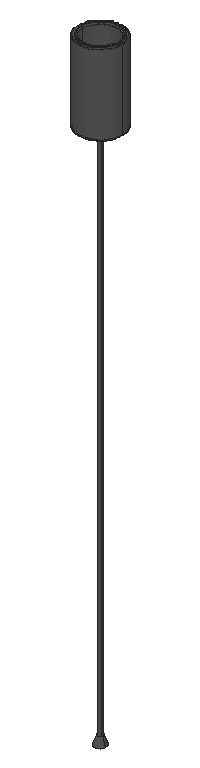
Revit family "CARLO CYLINDER LIGHT Pendant_ Surface", category Lighting Fixtures, host Face, Revit 2020 (continued)
Types (13): name | Wattage_Input | Wattage Comments | Wattage | built-in parameter 1150134 | Size 08 | Size 04 | Photometric Web File | built-in parameter 1150142 | Model | built-in parameter 1150105 | Lumens | built-in parameter 1150107 | built-in parameter 1150106 | Fixture Height | Fixture Diameter | BEAMING ANGLE | Apparent Load
  CCL4-07-20SPSW8-25-PSM-BK | 20 W | "12W/16W/20W" | 11.4446 W | (empty or 0) | no | yes | "CCL4_20W_2700K_25__.IES" | "IESNA:LM-63-2002\r\n[TEST] 001\r\n[TESTLAB] \r\n[TESTDATE] 2024-05-21\r\n[ISSUEDATE] 2024-05-21 11:19:26\r\n[LAMPPOSITION] 0,0\r\n[OTHER] EVERFINE GO-2000B_V1 SYSTEM\r\n[MANUFAC] Aboveall lighting\r\n[LUMINAIRE] CCL4 20W 2700K 25¡ã  \r\nTILT=NONE\r\n1 1658.3 1 181 17 1 2 -0.104 -0.104 0.000\r\n1.000 1 20.089\r\n0.0    1.0    2.0    3.0    4.0    5.0    6.0    7.0    8.0    9.0    \r\n 10.0   11.0   12.0   13.0   14.0   15.0   16.0   17.0   18.0   19.0   \r\n 20.0   21.0   22.0   23.0   24.0   25.0   26.0   27.0   28.0   29.0   \r\n 30.0   31.0   32.0   33.0   34.0   35.0   36.0   37.0   38.0   39.0   \r\n 40.0   41.0   42.0   43.0   44.0   45.0   46.0   47.0   48.0   49.0   \r\n 50.0   51.0   52.0   53.0   54.0   55.0   56.0   57.0   58.0   59.0   \r\n 60.0   61.0   62.0   63.0   64.0   65.0   66.0   67.0   68.0   69.0   \r\n 70.0   71.0   72.0   73.0   74.0   75.0   76.0   77.0   78.0   79.0   \r\n 80.0   81.0   82.0   83.0   84.0   85.0   86.0   87.0   88.0   89.0   \r\n 90.0   91.0   92.0   93.0   94.0   95.0   96.0   97.0   98.0   99.0   \r\n 100.0  101.0  102.0  103.0  104.0  105.0  106.0  107.0  108.0  109.0  \r\n 110.0  111.0  112.0  113.0  114.0  115.0  116.0  117.0  118.0  119.0  \r\n 120.0  121.0  122.0  123.0  124.0  125.0  126.0  127.0  128.0  129.0  \r\n 130.0  131.0  132.0  133.0  134.0  135.0  136.0  137.0  138.0  139.0  \r\n 140.0  141.0  142.0  143.0  144.0  145.0  146.0  147.0  148.0  149.0  \r\n 150.0  151.0  152.0  153.0  154.0  155.0  156.0  157.0  158.0  159.0  \r\n 160.0  161.0  162.0  163.0  164.0  165.0  166.0  167.0  168.0  169.0  \r\n 170.0  171.0  172.0  173.0  174.0  175.0  176.0  177.0  178.0  179.0  \r\n 180.0  \r\n0.0    22.5   45.0   67.5   90.0   112.5  135.0  157.5  180.0  202.5  \r\n 225.0  247.5  270.0  292.5  315.0  337.5  360.0  \r\n6620.4 6652.3 6568 6397.9 6165.2 5903.7 5559.2 5163.1 4721.7 4267.2 \r\n 3801.1 3347.9 2919.3 2515.1 2160.6 1844.2 1583.4 1360.8 1169.9 1045.3 \r\n 921.53 833.22 773.31 723.13 684.52 655.37 632.32 615.14 601.04 590.77 \r\n 580.93 573.35 566.01 548.86 536.53 525.2 512.07 487.51 449.01 404.05 \r\n 349.99 300.35 242.91 192.15 141.99 103.46 65.068 44.767 37.827 31.722 \r\n 26.838 23.61 21.413 19.408 17.365 15.227 13.059 10.995 9.1181 7.4182 \r\n 5.8075 4.5112 3.5 2.7541 2.2137 1.8503 1.6001 1.4108 1.2975 1.1891 \r\n 1.1165 1.0402 0.99191 0.93581 0.86771 0.81137 0.74723 0.69094 0.6268 0.56257 \r\n 0.49834 0.43808 0.3739 0.30984 0.24561 0.19724 0.14511 0.096885 0.05268 0.00058608 \r\n 0 0 0 0 0 0 0 0 0 0 \r\n 0 0 0 0 0 0.015892 0.043795 0.06793 0.10788 0.13612 \r\n 0.18009 0.22028 0.26042 0.31644 0.3647 0.42082 0.46908 0.52504 0.5852 0.64938 \r\n 0.70965 0.7778 0.84604 0.92222 1.0025 1.0788 1.163 1.2433 1.3432 1.4436 \r\n 1.5637 1.6881 1.8245 1.9848 2.1453 2.3377 2.5383 2.7589 3.0114 3.2643 \r\n 3.5364 3.8371 4.1461 4.475 4.8002 5.1373 5.4666 5.8116 6.141 6.4582 \r\n 6.7793 7.0719 7.357 7.6222 7.8594 8.0962 8.2894 8.4821 8.6549 8.8156 \r\n 8.9762 9.1249 9.2611 9.3857 9.4903 9.5788 9.6553 9.7117 9.752 9.7644 \r\n 9.7645 9.7645 9.7089 9.6291 9.5409 9.4605 9.3802 9.3078 9.2633 9.2589 \r\n 9.2385 \r\n6620.4 6671.5 6601.3 6437.7 6217 5957.8 5628 5236.9 4806.7 4342.2 \r\n 3882.9 3425 2992.6 2605.6 2219.2 1896.5 1623.1 1388.3 1200.2 1051.1 \r\n 931.43 840.71 774.77 725.65 687.26 656.64 633.41 614.66 599.86 588.68 \r\n 579.09 569.22 560.63 548.43 535.8 525.2 512.11 488.36 450.4 404.21 \r\n 352.16 301.57 248.07 194.59 143.15 100.21 66.285 45.59 38.906 33.164 \r\n 28.078 24.835 21.975 19.962 17.761 15.65 13.433 11.442 9.5828 7.8012 \r\n 6.1736 4.7767 3.6868 2.9299 2.3237 1.8812 1.5954 1.3943 1.2574 1.1567 \r\n 1.0722 1.0076 0.94317 0.88661 0.82219 0.76978 0.70129 0.64472 0.57621 0.51571 \r\n 0.45516 0.39069 0.33418 0.27364 0.20921 0.15681 0.10851 0.056127 0.012005 0 \r\n 0 0 0 0 0 0 0 0 0 0 \r\n 0 0.000066 0.0081677 0.020304 0.036512 0.060715 0.084956 0.11323 0.1455 0.17774 \r\n 0.21808 0.25849 0.30686 0.35126 0.39971 0.45218 0.50873 0.5732 0.62971 0.69021 \r\n 0.75062 0.81919 0.8878 0.96044 1.0371 1.1179 1.2066 1.2953 1.3802 1.4852 \r\n 1.5982 1.7194 1.8563 2.0097 2.1751 2.3528 2.5467 2.7726 3.0068 3.2651 \r\n 3.5395 3.8222 4.1369 4.4548 4.7856 5.1244 5.4553 5.7981 6.1369 6.4716 \r\n 6.7901 7.0886 7.3868 7.6529 7.9061 8.1279 8.3415 8.539 8.7084 8.8817 \r\n 9.039 9.1922 9.3292 9.4541 9.5668 9.6512 9.7277 9.7838 9.7838 9.7836 \r\n 9.7633 9.7307 9.662 9.5773 9.4966 9.4078 9.3193 9.2513 9.2312 9.2231 \r\n 9.2385 \r\n6620.4 6638.8 6549.5 6368.4 6138.6 5868.8 5522.5 5124.4 4682.7 4223.9 \r\n 3762.5 3317 2886.3 2484.5 2133 1813.2 1544.5 1322.8 1168.1 1014.1 \r\n 904.04 818.36 755.82 707.92 672.71 646.16 623.57 606.08 592.88 581.74 \r\n 571.09 562.5 554.93 542.76 531.2 520.16 506.91 477.63 435.68 390.58 \r\n 337.54 284.32 230.83 181.95 133.55 95.344 57.247 42.718 37.553 32.257 \r\n 27.95 24.506 21.823 19.748 17.684 15.485 13.46 11.364 9.5599 7.7907 \r\n 6.0977 4.6812 3.6107 2.8357 2.2678 1.862 1.5739 1.351 1.2447 1.1597 \r\n 1.0909 1.0142 0.96161 0.90114 0.84455 0.78801 0.72748 0.67488 0.60641 0.54574 \r\n 0.48117 0.41655 0.35992 0.30354 0.247 0.18647 0.14185 0.093433 0.048961 0.00054427 \r\n 0 0 0 0 0 0 0 0 0 0 \r\n 0 0 0 0 0 0.019985 0.048097 0.080354 0.11266 0.14497 \r\n 0.18526 0.22964 0.27806 0.32253 0.37494 0.43144 0.48798 0.54437 0.60489 0.66547 \r\n 0.73004 0.80264 0.86735 0.94395 1.0207 1.0974 1.1901 1.267 1.3635 1.4724 \r\n 1.5974 1.7186 1.8637 2.017 2.1905 2.3761 2.5779 2.7998 3.0499 3.3043 \r\n 3.5779 3.8765 4.1833 4.5142 4.8494 5.1806 5.5237 5.859 6.1942 6.5174 \r\n 6.8325 7.1228 7.4055 7.6683 7.9069 8.1292 8.3314 8.5093 8.683 8.8447 \r\n 9.0063 9.1518 9.2848 9.3942 9.5032 9.5804 9.6451 9.6858 9.7142 9.7185 \r\n 9.7225 9.6627 9.5941 9.5137 9.4169 9.324 9.2271 9.1501 9.0934 9.0807 \r\n 9.2385 \r\n6620.4 6623.5 6516.6 6325.3 6088.9 5814.8 5448.8 5046.9 4608.1 4146 \r\n 3689.3 3242.5 2836.1 2430.2 2077.8 1762.4 1507.5 1290.9 1119.7 985.32 \r\n 880.44 800.55 740.76 696.58 662.85 636.73 616.83 601.59 589.36 580.4 \r\n 571.6 562.51 554.44 541.22 530.54 519.18 504.86 473.62 432.87 385.35 \r\n 333.56 282.99 232.47 181.98 134.65 89.764 57.078 42.018 36.973 32.35 \r\n 28.519 25.641 22.359 20.197 18.112 16.011 13.842 11.695 9.7535 7.9063 \r\n 6.2574 4.76 3.568 2.7994 2.2144 1.8058 1.5146 1.3246 1.2072 1.1061 \r\n 1.0372 0.96833 0.9116 0.85881 0.79807 0.74545 0.68463 0.6238 0.56298 0.50216 \r\n 0.44134 0.38045 0.31159 0.25077 0.18999 0.13326 0.080751 0.03621 0 0 \r\n 0 0 0 0 0 0 0 0 0 0 \r\n 0.000032 0.0041533 0.016318 0.028552 0.048862 0.073228 0.10157 0.12598 0.1585 0.19893 \r\n 0.23948 0.28012 0.33277 0.37744 0.43019 0.48695 0.54368 0.59647 0.65737 0.72626 \r\n 0.79096 0.85593 0.9329 1.0019 1.083 1.1642 1.2533 1.3346 1.432 1.5456 \r\n 1.6592 1.7851 1.9307 2.085 2.2635 2.4501 2.6491 2.8803 3.1238 3.3875 \r\n 3.6674 3.9676 4.28 4.6116 4.9442 5.2848 5.6253 5.9619 6.3023 6.6225 \r\n 6.9306 7.2305 7.5141 7.7734 8.0119 8.2307 8.4292 8.6157 8.7899 8.952 \r\n 9.106 9.2479 9.3855 9.499 9.6041 9.6809 9.7454 9.7696 9.7695 9.7652 \r\n 9.7286 9.6757 9.5985 9.5091 9.4038 9.3025 9.2134 9.1327 9.0763 9.0723 \r\n 9.2385 \r\n6620.4 6613.5 6490.3 6284.5 6034 5744.8 5376.7 4969.2 4523.7 4071.8 \r\n 3615.3 3163.3 2761.9 2361 2010.9 1712.5 1471.4 1259.5 1092.7 961.11 \r\n 862.96 786.99 731.08 689.57 658.35 634.67 615.43 601.78 589.95 581.16 \r\n 573.61 566.48 559.97 543.55 531.13 519.73 503.74 473.09 431.89 386.78 \r\n 334.25 285.72 233.94 182.21 135.73 93.276 61.21 45.428 40.343 35.88 \r\n 31.929 27.57 22.24 20.28 18.1 15.962 13.777 11.578 9.5888 7.7418 \r\n 6.0659 4.6516 3.5694 2.8366 2.2633 1.8771 1.586 1.4125 1.2668 1.1682 \r\n 1.0853 1.0105 0.95895 0.88798 0.82872 0.76954 0.7025 0.64706 0.57994 0.51673 \r\n 0.45352 0.3903 0.32714 0.26788 0.20857 0.14555 0.098232 0.046952 0.0039084 0 \r\n 0 0 0 0 0 0 0 0 0.000040 0.0040323 \r\n 0.011892 0.015886 0.023876 0.039679 0.055528 0.075376 0.10294 0.12289 0.15839 0.18995 \r\n 0.22555 0.26514 0.31251 0.35592 0.39561 0.45092 0.50609 0.54979 0.61305 0.68011 \r\n 0.73933 0.81033 0.86971 0.941 1.0278 1.1029 1.186 1.2767 1.3561 1.4628 \r\n 1.5735 1.6918 1.8184 1.9608 2.1189 2.289 2.4789 2.6884 2.9099 3.155 \r\n 3.4083 3.6968 3.9933 4.3046 4.6248 4.9567 5.2964 5.6323 5.968 6.2998 \r\n 6.6198 6.9396 7.2474 7.5239 7.7955 8.0404 8.2772 8.4944 8.6997 8.8931 \r\n 9.0748 9.2521 9.3905 9.5326 9.6666 9.7728 9.8594 9.9182 9.9339 9.9376 \r\n 9.9215 9.8818 9.8262 9.743 9.6444 9.5535 9.459 9.3769 9.3769 9.3809 \r\n 9.2385 \r\n6620.4 6556.8 6390 6155.2 5883.5 5549.5 5162.9 4733 4281.7 3832.8 \r\n 3381.2 2948.5 2537 2169.3 1845.1 1580.1 1357.4 1171.6 1039.6 908.18 \r\n 822.62 756.47 705.83 668.66 642.42 622.95 608.17 595.47 585.07 577.22 \r\n 569.87 563.2 556.16 538.78 527.7 514.32 491.82 457.1 414.99 365.25 \r\n 314.84 261.94 211.5 162.41 120.92 79.499 52.217 43.069 38.099 33.744 \r\n 29.767 23.937 21.197 18.912 16.821 14.695 12.424 10.443 8.5235 6.8488 \r\n 5.2392 4.0474 3.1466 2.5045 2.0774 1.7743 1.5511 1.3798 1.2562 1.1725 \r\n 1.093 1.0214 0.96579 0.89444 0.84653 0.77917 0.7195 0.65203 0.5963 0.54067 \r\n 0.46929 0.41748 0.34217 0.28262 0.22302 0.16342 0.1117 0.063983 0.016305 0.00013483 \r\n 0 0 0 0 0 0 0 0 0 0 \r\n 0 0 0 0.0078823 0.019771 0.039577 0.067255 0.091132 0.12284 0.15856 \r\n 0.19432 0.24189 0.28169 0.32931 0.38092 0.42863 0.4842 0.53967 0.59923 0.65883 \r\n 0.72629 0.79384 0.86532 0.94472 1.0124 1.0957 1.1791 1.2625 1.3575 1.4647 \r\n 1.5798 1.7108 1.8419 1.9967 2.1634 2.3421 2.5446 2.7669 3.0052 3.2554 \r\n 3.5247 3.8067 4.1163 4.4341 4.7559 5.0935 5.4233 5.7609 6.0947 6.4206 \r\n 6.7346 7.0358 7.322 7.5884 7.8428 8.0853 8.304 8.5107 8.7055 8.8805 \r\n 9.0474 9.2064 9.3492 9.4686 9.5838 9.6676 9.7392 9.7871 9.8072 9.8153 \r\n 9.8193 9.7838 9.7205 9.6335 9.5539 9.4705 9.4068 9.3589 9.3349 9.3307 \r\n 9.2385 \r\n6620.4 6528.4 6338.8 6098.8 5802.4 5457.3 5040.3 4608 4149 3706.7 \r\n 3257.6 2835.4 2440.2 2082.8 1788.4 1531.3 1316.2 1136.4 995.19 886.29 \r\n 804.7 742.5 696.8 664.38 640.18 621.56 606.45 594.83 584.35 576.25 \r\n 569.33 563.65 554.28 536.95 526.5 513.1 489.51 452.8 406.9 356.08 \r\n 306.14 254.3 202.48 152.33 109.1 71.735 47.834 40.778 35.505 31.183 \r\n 27.363 22.102 20.006 17.765 15.713 13.564 11.443 9.4746 7.6576 6.001 \r\n 4.5858 3.5721 2.8369 2.3197 1.9112 1.6247 1.3981 1.2471 1.1476 1.0679 \r\n 0.99232 0.93647 0.88044 0.80889 0.75693 0.69734 0.64537 0.58159 0.52176 0.46188 \r\n 0.39815 0.34217 0.2745 0.21866 0.16286 0.11096 0.05539 0.011841 0 0 \r\n 0 0 0 0 0 0 0 0 0 0.000083 \r\n 0.0081034 0.02007 0.032125 0.052024 0.067979 0.084076 0.11205 0.14396 0.17592 0.21164 \r\n 0.23981 0.29153 0.33155 0.38332 0.42733 0.48308 0.53104 0.58703 0.65474 0.71457 \r\n 0.7744 0.8501 0.918 0.99383 1.0736 1.1495 1.2372 1.3251 1.4249 1.5327 \r\n 1.6486 1.78 1.9198 2.0794 2.2511 2.4348 2.6384 2.862 3.1016 3.3649 \r\n 3.6285 3.9239 4.2391 4.5573 4.8766 5.2156 5.5468 5.8858 6.2206 6.5396 \r\n 6.8507 7.1576 7.4405 7.7036 7.954 8.1813 8.4004 8.5997 8.7831 8.9625 \r\n 9.1258 9.2733 9.4126 9.5242 9.6277 9.7149 9.7704 9.794 9.7899 9.7738 \r\n 9.7414 9.6735 9.5938 9.5178 9.4302 9.3546 9.2913 9.2677 9.2678 9.2839 \r\n 9.2385 \r\n6620.4 6486.5 6269.5 6004.8 5689.4 5316.5 4885.2 4429 3968.1 3518.3 \r\n 3082.8 2665.6 2286.6 1959.2 1677.8 1442.2 1239.6 1097.2 955.3 856.8 \r\n 783.51 728.89 689.1 658.98 634.82 617.16 603.74 592.16 584.45 576.82 \r\n 568.46 562.42 550.66 536.25 524.55 510.14 481.65 441.63 395.94 342.65 \r\n 290.85 238.32 186.31 135.77 96.67 57.671 41.828 36.636 31.461 27.904 \r\n 24.931 20.713 18.63 16.567 14.389 12.34 10.317 8.4413 6.7096 5.1421 \r\n 4.0489 3.1764 2.557 2.1107 1.797 1.552 1.3712 1.2585 1.1542 1.0859 \r\n 1.0098 0.96152 0.89772 0.84949 0.79349 0.73344 0.67732 0.61727 0.55718 0.49312 \r\n 0.42108 0.35693 0.29681 0.24481 0.18481 0.13265 0.084545 0.040444 0.00034963 0 \r\n 0 0 0 0 0 0 0 0 0 0 \r\n 0 0 0 0.011921 0.027913 0.047912 0.075818 0.10386 0.13983 0.17192 \r\n 0.2119 0.2599 0.29606 0.34403 0.39607 0.44417 0.50814 0.56413 0.62021 0.6882 \r\n 0.75629 0.82836 0.8965 0.97254 1.0487 1.1367 1.2288 1.313 1.4207 1.5367 \r\n 1.6608 1.7969 1.945 2.1131 2.2972 2.4894 2.7095 2.9457 3.198 3.4623 \r\n 3.7497 4.0461 4.3663 4.6947 5.0232 5.3557 5.6921 6.0246 6.3571 6.6737 \r\n 6.9743 7.266 7.5385 7.7951 8.0276 8.2481 8.4525 8.6369 8.8172 8.9816 \r\n 9.1419 9.2862 9.4102 9.5106 9.6068 9.6711 9.7194 9.7476 9.7478 9.7478 \r\n 9.7041 9.6362 9.5522 9.4842 9.3844 9.308 9.2438 9.2075 9.2032 9.223 \r\n 9.2385 \r\n6620.4 6484 6267.7 6001.3 5678.2 5294.4 4856.3 4401 3928.7 3484.9 \r\n 3044.3 2650.9 2258.2 1937.9 1666.8 1428.5 1232.4 1072.1 948.72 853.34 \r\n 782.38 731.87 692.73 661.66 637.99 619.23 605.92 594.39 586.66 578.67 \r\n 570.97 564.74 552.09 537.36 525.49 510.58 483.31 443.47 397.13 343.99 \r\n 292.96 238.51 184.1 134.26 89.947 57.532 40.503 34.799 29.478 25.378 \r\n 23.151 20.712 18.687 16.573 14.41 12.303 10.214 8.3566 6.6334 5.1676 \r\n 3.9999 3.2113 2.599 2.1428 1.7993 1.5351 1.3433 1.2349 1.1231 1.0667 \r\n 0.99471 0.94247 0.88627 0.82997 0.76585 0.70984 0.65753 0.59338 0.5371 0.47282 \r\n 0.40458 0.33638 0.2722 0.21203 0.15583 0.099683 0.047678 0 0 0 \r\n 0 0 0 0 0 0 0 0 0.000041 0.0040972 \r\n 0.012126 0.020242 0.036255 0.048389 0.068461 0.088581 0.11272 0.14096 0.18096 0.20918 \r\n 0.25727 0.29746 0.34162 0.38577 0.43007 0.48631 0.54643 0.59872 0.65898 0.72321 \r\n 0.78731 0.85563 0.9319 1.0082 1.0886 1.1729 1.2652 1.3498 1.4582 1.5668 \r\n 1.6993 1.8316 1.9803 2.149 2.3259 2.5268 2.7478 2.9849 3.242 3.5151 \r\n 3.8004 4.1056 4.4229 4.7511 5.0724 5.4135 5.7428 6.0799 6.4048 6.7139 \r\n 7.0229 7.3156 7.5843 7.8331 8.073 8.2857 8.4903 8.6788 8.8554 9.0278 \r\n 9.1803 9.3325 9.4568 9.5689 9.6531 9.7287 9.7565 9.7604 9.7522 9.7238 \r\n 9.6714 9.6029 9.5066 9.414 9.3018 9.2057 9.1303 9.1225 9.1391 9.2034 \r\n 9.2385 \r\n6620.4 6475.4 6265.9 5991.4 5651.9 5255.9 4807.2 4336 3867.5 3414.1 \r\n 2970 2566.2 2195.7 1878.5 1612.7 1392 1203.2 1068.2 933.68 846.58 \r\n 782.02 730.89 691.63 661.57 638.16 621.08 606.83 596.99 588.85 580.9 \r\n 574 567.37 552.95 539.21 526.77 511 482.69 442.57 395.78 341.72 \r\n 288.68 234.3 181.43 131.36 93.309 55.365 39.258 35.554 30.526 25.7 \r\n 23.129 21.251 19.175 16.962 14.676 12.548 10.37 8.4682 6.6923 5.2056 \r\n 4.0614 3.1745 2.5307 2.0531 1.745 1.4904 1.3442 1.231 1.146 1.0853 \r\n 1.0168 0.96825 0.904 0.86342 0.79912 0.74257 0.69009 0.62565 0.56511 0.5006 \r\n 0.44006 0.37555 0.31101 0.24665 0.19808 0.14568 0.097235 0.044832 0.00038728 0 \r\n 0 0 0 0 0 0 0 0 0 0 \r\n 0 0 0 0.0040014 0.024045 0.048217 0.080341 0.10462 0.13682 0.17708 \r\n 0.20942 0.25769 0.2981 0.34643 0.39084 0.44722 0.49969 0.55598 0.62443 0.68103 \r\n 0.74549 0.81803 0.89463 0.96728 1.0439 1.1405 1.2253 1.3141 1.4185 1.5354 \r\n 1.6644 1.8054 1.9586 2.1279 2.3213 2.5189 2.7446 2.9825 3.2485 3.5187 \r\n 3.8082 4.1146 4.4332 4.7639 5.0946 5.4254 5.7602 6.091 6.4178 6.7285 \r\n 7.0271 7.3168 7.5793 7.8295 8.0596 8.2656 8.4633 8.653 8.8186 8.9799 \r\n 9.1373 9.2746 9.3914 9.5004 9.5734 9.646 9.6826 9.6989 9.7031 9.6991 \r\n 9.639 9.5705 9.4779 9.3734 9.2766 9.1877 9.123 9.0824 9.078 9.098 \r\n 9.2385 \r\n6620.4 6498.6 6303.9 6062.8 5722.9 5331.5 4883.1 4419.9 3940.4 3489.4 \r\n 3043.8 2645.6 2248.4 1930 1660 1426.4 1232.7 1073.9 952.75 860.76 \r\n 791.88 738.61 697.71 666.75 641.85 623.37 610.48 600.06 589.8 581.21 \r\n 574.56 568.81 559.76 543.11 531 516.45 490.02 450.99 404.33 352.03 \r\n 300.14 249.43 198.7 145.64 100.5 63.565 40.71 35.938 32.326 28.311 \r\n 24.89 22.422 20.278 18.142 15.829 13.627 11.387 9.2612 7.3579 5.7094 \r\n 4.3488 3.3587 2.6507 2.1638 1.8182 1.5484 1.3472 1.2221 1.1057 1.049 \r\n 0.97645 0.91981 0.85524 0.79476 0.74221 0.68579 0.62529 0.57266 0.508 0.43943 \r\n 0.37881 0.31424 0.2538 0.20524 0.14875 0.096349 0.051964 0 0 0 \r\n 0 0 0 0 0 0 0 0 0.000082 0.0081174 \r\n 0.012156 0.016327 0.032481 0.04859 0.060847 0.085126 0.1134 0.14167 0.17004 0.20629 \r\n 0.24268 0.28311 0.32757 0.37604 0.42455 0.47705 0.5296 0.58614 0.64283 0.71133 \r\n 0.76784 0.8365 0.90524 0.98201 1.0628 1.1477 1.2365 1.3215 1.4226 1.5358 \r\n 1.6611 1.7902 1.9398 2.1055 2.2874 2.4815 2.6997 2.9261 3.1766 3.4394 \r\n 3.7223 4.0254 4.3405 4.6668 4.9941 5.3372 5.6645 6.0116 6.3387 6.6576 \r\n 6.9644 7.2589 7.5291 7.7714 8.0088 8.2307 8.4286 8.6221 8.
